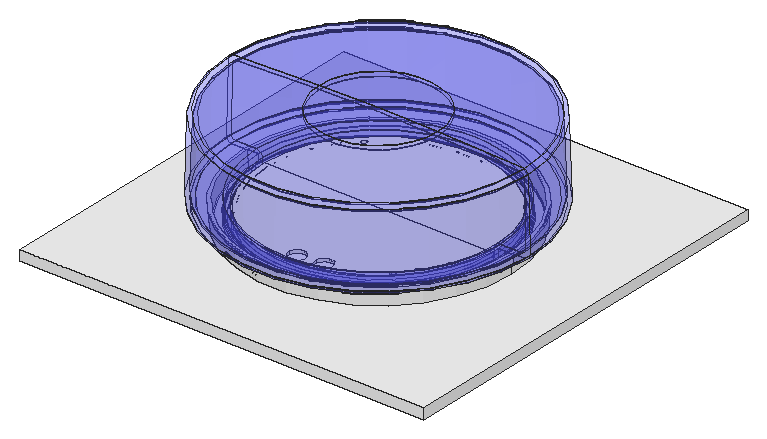
Revit family "BE_50650_de_DE", category Leuchten, Revit 2020
Family settings
  Basisbauteil = Fläche
  Bemaßung runder Anschluss = Durchmesser verwenden
  Teiletyp = Normal
  Beim Laden mit Abzugskörper schneiden = Ja
  Lichtquelle = Ja
  Gemeinsam genutzt = Nein
  Raumberechnungspunkt = Ja
Parameters (values of type "BEGA_50650_K27")
  built-in parameter 1150104 = 14.864 (stored number, unit not read)
  Wattage = 16.8 W
  Default Elevation = 0 mm
  built-in parameter 1150113 = 1 (stored number, unit not read)
  built-in parameter 1114218 = 1 (stored number, unit not read)
  Umgebungstemperatur = "25 °C"
  URL = "https://www.bega.com/de/produkt/50650"
  Typenkommentare = "© 2022 BEGA. Wir behalten uns das Recht vor, technische Änderungen ohne vorherige Ankündigung vorzunehmen."  # constant formula
  built-in parameter 1150134 = 12
  built-in parameter 1150109 = 1 (stored number, unit not read)
  Strom = ""
  built-in parameter 1150110 = 1 (stored number, unit not read)
  Spannung = 239.996 V
  Sonderanfertigung = no
  Seriennummer [instance] = "Hier können Sie die eindeutige Seriennummer für das Facility Management eintragen."
  Schutzklasse = "I"
  Schutzart = "IP 44"
  Scheinlast = 0 VA
  Produktdatenblatt = "https://cdn.bega.com/bega/products/50650K3/current/documents/data-sheets/de"
  Oberflächentemperatur = ""
  Neigungswinkel = 0.00°
  Modell = "50650K27"
  Material_17 = BEGA_Reflektor
  Material_15 = BEGA_Leuchtmedium_matt
  Material_11 = BEGA_Glas_opal
  Material_09 = BEGA_Glas_klar
  Material_06 = BEGA_Oberfläche_Edelstahl_gebürstet
  Material_03 = BEGA_Oberfläche_Weiss_matt
  Material_02 = BEGA_Oberfläche_Silber_matt
  Material_01 [instance] = BEGA_Oberfläche_Grafit_matt
  M_W = no
  M_G = no
  M_A = no
  Logo = 0
  built-in parameter 1114217 = 1 (stored number, unit not read)
  built-in parameter 1150139 = (empty or 0)
  built-in parameter 1150105 = 568.55 (stored number, unit not read)
  built-in parameter 1150114 = 1 (stored number, unit not read)
  Lumens = 2688 lm
  built-in parameter 1150115 = 1 (stored number, unit not read)
  Leuchtenlichtstrom = "1744 lm"
  Leuchtenanzahl = ""
  Lebensdauerkriterien = "L70B50 @ 25 °C = 200000 h"
  Lastklassifizierung = Beleuchtung
  built-in parameter 1150112 = 1 (stored number, unit not read)
  Lampenlichtstrom = "2600 lm"
  Lampe = "LED 16.8 W"
  LED_Modulbezeichnung = "4x LED-0280/927"
  Hersteller = "BEGA"  # constant formula
  Halbstreuwinkel = ""
  Gewicht = "2.75 kg"
  Gebrauchslageneinschränkung [instance] = ""
  Frequenz = "0/50-60 Hz"
  Farbwiedergabeindex = "CRI > 90"
  Farbtemperaturverschiebung bei Dämpfen der Lampe = <Keine Auswahl>
  Farbtemperatur = "2700 K"
  Color Filter = 16777215
  built-in parameter 1150133 = 10 (stored number, unit not read)
  Energieeffizienzklasse = "LED A++ - A"
  built-in parameter 1150137 = (empty or 0)
  built-in parameter 1150132 = (empty or 0)
  ENEC = "ja"
  Dimmbar [instance] = "on/off"
  Datei für fotometrisches Netz = "BE_50650K27.IES"
  CE_Konformität = "ja"
  Bestellnummer = "50650K27"
  Beschreibung_Sonderanfertigung = "Hier können Sie Informationen zur Sonderanfertigung eintragen."
  Beschreibung = "Decken- und Wandleuchte"
  built-in parameter 1150106 = 5.6855 (stored number, unit not read)
  Befestigungsbohrung = "Ø 5,5 mm"
  Befestigungsabstand = "208 mm"
  Ballwurfsicher = ""
  BEGA_Intern_aus = yes
  BEGA_Intern_an = yes
  BEGA_Intern_Konstruktion = yes
  BEGA_Intern = yes
  BEGA_IES = yes
  BEGA_Dummy = no
  Anschlussleitung = ""
  Anschlussleistung [instance] = "19.8 W"
  Anschlusskasten = ""
  built-in parameter 1150107 = 4000 (stored number, unit not read)
  built-in parameter 1150102 = (empty or 0)
  built-in parameter 1150138 = (empty or 0)
  Aktualisierung = "2022-05-19T04:00:07"
  Abstand_zur_angestrahlten_Fläche [instance] = ""
  AC/DC = "AC/DC"
Types (3, lengths in mm): name | built-in parameter 1150104 | built-in parameter 1150134 | Modell | built-in parameter 1150105 | Lumens | Leuchtenlichtstrom | Lampenlichtstrom | LED_Modulbezeichnung | Farbtemperatur | Datei für fotometrisches Netz | Bestellnummer | built-in parameter 1150106 | built-in parameter 1150107
  BEGA_50650_K4 | 14.864 (stored number, unit not read) | 12 | "50650K4" | 568.55 (stored number, unit not read) | 2688 lm | "1770 lm" | "2640 lm" | "4x LED-0280/930" | "4000 K" | "BE_50650K4.IES" | "50650K4" | 5.6855 (stored number, unit not read) | 4000 (stored number, unit not read)
  BEGA_50650_K3 | 14.4 (stored number, unit not read) | (empty or 0) | "50650K3" | 207.22 (stored number, unit not read) | 2604 lm | "1770 lm" | "2640 lm" | "4x LED-0280/930" | "3000 K" | "BE_50650K3.IES" | "50650K3" | 2.0722 (stored number, unit not read) | 3000 (stored number, unit not read)
  BEGA_50650_K27 | 14.864 (stored number, unit not read) | 12 | "50650K27" | 568.55 (stored number, unit not read) | 2688 lm | "1744 lm" | "2600 lm" | "4x LED-0280/927" | "2700 K" | "BE_50650K27.IES" | "50650K27" | 5.6855 (stored number, unit not read) | 4000 (stored number, unit not read)
Reference planes
  plane 1 "Mitte (Vorne/Hinten)": y = 0
  plane 2: z = 0
  plane 3 "Mitte (Links/Rechts)": x = 0
  plane 4 "Links": x = -149.893
  plane 5 "Rechts": x = 149.893
  plane 6 "Unten": y = -149.9
  plane 7 "Oben": y = 149.9
  plane 8 "Vorne": z = 106.484
  plane 9 "Hinten": z = 0
Forms (mm)
  Extrusion 1, solid, material "BEGA_Platte_Weiss"
    sketch origin (5, -1119.2, 0) x (1, 0, 0) y (0, 1, 0)
      loop
        line (-200, 1319.2) -> (-200, 919.2) -> (200, 919.2) -> (200, 1319.2) -> (-200, 1319.2)
    from 0 to -10
  Extrusion 2, solid, material "BEGA_Dummy_matt", visible <- "BEGA_Dummy"
    sketch origin (77.149, -76.023, 0) x (1, 0, 0) y (0, 1, 0)
      loop
        circle (-77.149, 76.023) r 150
    from 0 to 106.484
Dimensions and locks
  plane 1 "Mitte (Vorne/Hinten)" to Extrusion 1 = 200 mm
  aligned and locked: plane 2 to Extrusion 1
  aligned and locked: level to Extrusion 1
Nested families
  nested 1: "BE_50650" at (0, 0, 0), type "BE_50650"
Connectors
  electrical at (0, 0, 0), driven by "Lastklassifizierung", driven by "Spannung", driven by "Scheinlast"
    settings: index 1, voltage 239.996 V, apparent load 0 VA, apparent load phase1 0 VA, apparent load phase2 0 VA, apparent load phase3 0 VA, power factor 1, load classification "Beleuchtung", number of poles 1, system type 31, power factor state 1, is connector primary yes, connector utility no, sub classification motor no, connector description ""
Definition of nested family "BE_50650"
  Parameters (values of type "BE_50650")
    Default Elevation = 1 mm
    URL = "http://www.bega.de/de/produkt"
    Type Comments = "© 2015 BEGA. Wir behalten uns das Recht vor, technische Änderungen ohne vorherige Ankündigung vorzunehmen. "  # constant formula
    Type Image = (empty or 0)
    Neigungswinkel_um_Z2 = 0.00°
    Neigungswinkel_um_Z1 = 0.00°
    Neigungswinkel_um_Y2 = 0.00°
    Neigungswinkel_um_Y1 = 0.00°
    Neigungswinkel_um_X2 = 0.00°
    Neigungswinkel_um_X1 = 0.00°
    Material_17 = none
    Material_15 = none
    Material_11 = none
    Material_09 = none
    Material_06 = none
    Material_05 = none
    Material_03 = none
    Material_02 = none
    Material_01 = none
    M_W = yes
    M_G = yes
    M_A = yes
    Länge_Platte = 350 mm  # constant formula
    Höhe_Platte = -10 mm  # constant formula
    Manufacturer = "BEGA"  # constant formula
    Drehwinkel_um_Z2 = 0.00°
    Drehwinkel_um_Z1 = 0.00°
    Breite_Platte = 350 mm  # constant formula
  Reference planes
    plane 1 "Mitte (Oben/Unten)": y = 0
    plane 2: z = 0
    plane 3 "Mitte (Links/Rechts)": x = 0
    plane 4: x = -149.893
    plane 5: z = 106.484
    plane 6: x = 149.893
    plane 7: y = -149.9
    plane 8: y = 149.9
  Forms (mm)
    Extrusion 1, solid, detail levels medium
      sketch origin (0, 0, 0) x (1, 0, 0) y (0, 1, 0)
        loop
          line (-175, 175) -> (-175, -175) -> (175, -175) -> (175, 175) -> (-175, 175)
      from 0 to -10 <- "Höhe_Platte"
    Revolve 2, solid, material <- "Material_03", detail levels medium+fine
      sketch origin (0, 0, 0) x (1, 0, 0) y (0, 0, 1)
        loop
          line (-133, 23.5) -> (-133, 22) -> (-132.1, 22) -> (-131.506, 5) -> (-112.46, 5)
          arc (-112.46, 5) -> (-111.765, 5.281) -> (-111.46, 5.966) r 1
          line (-111.46, 5.966) -> (-111.179, 14.035)
          arc (-111.179, 14.035) -> (-110.874, 14.719) -> (-110.179, 15) r 1
          line (-110.179, 15) -> (0, 15) -> (0, 17.535) -> (-113.15, 17.535) -> (-113.449, 8.958)
          arc (-113.449, 8.958) -> (-113.906, 7.931) -> (-114.948, 7.51) r 1.5
          line (-114.948, 7.51) -> (-128.534, 7.5)
          arc (-128.534, 7.5) -> (-129.228, 7.78) -> (-129.534, 8.463) r 1
          line (-129.534, 8.463) -> (-130.059, 23.5) -> (-133, 23.5)
        axis (0, 5) -> (0, 23.5)
      angle from 0 to 360
    Revolve 3, solid, material <- "Material_03", detail levels medium+fine
      sketch origin (-120, 0, 0) x (-1, 0, 0) y (0, 0, 1)
        loop
          line (-2.811, 4.164) -> (-2.468, 2.099)
          arc (-2.468, 2.099) -> (-1.62, 0.596) -> (0, 0) r 2.5
          line (0, 0) -> (0, 6.055) -> (-3.797, 6.055) -> (-3.797, 5)
          arc (-3.797, 5) -> (-3.151, 4.763) -> (-2.811, 4.164) r 1
        axis (0, 6.055) -> (0, 0)
      angle from 0 to 360
    Extrusion 4, void
      sketch origin (0, 0, 0) x (1, 0, 0) y (0, 1, 0)
        loop
          circle (22, -95) r 8.475
        loop
          circle (-73.539, 73.539) r 2.75
        loop
          circle (73.539, -73.539) r 2.75
        loop
          circle (-2.5, -97.5) r 8.475
      from 3 to 18.982
    Revolve 5, solid, material <- "Material_11", detail levels medium+fine
      sketch origin (0, 0, 0) x (1, 0, 0) y (0, 0, 1)
        loop
          line (-58.511, 105.392) -> (-144.167, 102.537)
          arc (-144.167, 102.537) -> (-146.872, 101.357) -> (-148.032, 98.644) r 4
          line (-148.032, 98.644) -> (-149.893, 27.605)
          arc (-149.893, 27.605) -> (-148.759, 24.709) -> (-145.894, 23.5) r 4
          line (-145.894, 23.5) -> (-118.75, 23.5) -> (-118.75, 15.269)
          arc (-118.75, 15.269) -> (-118.957, 14.659) -> (-119.492, 14.301) r 1
          line (-119.492, 14.301) -> (-120.509, 14.029)
          arc (-120.509, 14.029) -> (-121.043, 13.672) -> (-121.25, 13.063) r 1
          line (-121.25, 13.063) -> (-121.25, 9.5) -> (-117.25, 9.5) -> (-117.25, 10.937)
          arc (-117.25, 10.937) -> (-115.42, 12.767) -> (-114.75, 15.267) r 5
          line (-114.75, 15.267) -> (-114.75, 22)
          arc (-114.75, 22) -> (-116.366, 25.889) -> (-120.256, 27.5) r 5.5
          line (-120.256, 27.5) -> (-141.788, 27.5)
          arc (-141.788, 27.5) -> (-144.653, 28.709) -> (-145.786, 31.605) r 4
          line (-145.786, 31.605) -> (-144.132, 94.772)
          arc (-144.132, 94.772) -> (-142.973, 97.485) -> (-140.269, 98.665) r 4
          line (-140.269, 98.665) -> (-58.418, 101.392)
          arc (-58.418, 101.392) -> (-29.213, 102.152) -> (0, 102.484) r 1996
          line (0, 102.484) -> (0, 106.484)
          arc (0, 106.484) -> (-29.259, 106.152) -> (-58.511, 105.392) r 2000
        axis (0, 106.484) -> (0, 9.5)
      angle from 0 to 360
    Revolve 6, solid, material <- "Material_03", detail levels medium+fine
      sketch origin (0, 120, 0) x (0, 1, 0) y (0, 0, 1)
        loop
          line (-2.811, 4.164) -> (-2.468, 2.099)
          arc (-2.468, 2.099) -> (-1.62, 0.596) -> (0, 0) r 2.5
          line (0, 0) -> (0, 6.055) -> (-3.797, 6.055) -> (-3.797, 5)
          arc (-3.797, 5) -> (-3.151, 4.763) -> (-2.811, 4.164) r 1
        axis (0, 6.055) -> (0, 0)
      angle from 0 to 360
    Revolve 7, solid, material <- "Material_03", detail levels medium+fine
      sketch origin (0, -120, 0) x (0, -1, 0) y (0, 0, 1)
        loop
          line (-2.811, 4.164) -> (-2.468, 2.099)
          arc (-2.468, 2.099) -> (-1.62, 0.596) -> (0, 0) r 2.5
          line (0, 0) -> (0, 6.055) -> (-3.797, 6.055) -> (-3.797, 5)
          arc (-3.797, 5) -> (-3.151, 4.763) -> (-2.811, 4.164) r 1
        axis (0, 6.055) -> (0, 0)
      angle from 0 to 360
    Revolve 8, solid, material <- "Material_03", detail levels medium+fine
      sketch origin (120, 0, 0) x (1, 0, 0) y (0, 0, 1)
        loop
          line (-2.811, 4.164) -> (-2.468, 2.099)
          arc (-2.468, 2.099) -> (-1.62, 0.596) -> (0, 0) r 2.5
          line (0, 0) -> (0, 6.055) -> (-3.797, 6.055) -> (-3.797, 5)
          arc (-3.797, 5) -> (-3.151, 4.763) -> (-2.811, 4.164) r 1
        axis (0, 6.055) -> (0, 0)
      angle from 0 to 360
  Cuts and joins
    Extrusion 4 cuts Revolve 2
    Extrusion 4 cuts Revolve 3
    joined: Revolve 2, Revolve 3, Revolve 6, Revolve 7, Revolve 8
  Dimensions and locks
    equal spacing: Extrusion 1 sketch curve, plane 3 "Mitte (Links/Rechts)", Extrusion 1 sketch curve
    equal spacing: Extrusion 1 sketch curve, plane 1 "Mitte (Oben/Unten)", Extrusion 1 sketch curve
    "Länge_Platte": Extrusion 1 sketch curve to Extrusion 1 sketch curve
    "Breite_Platte": Extrusion 1 sketch curve to Extrusion 1 sketch curve
    aligned and locked: plane 2 to Extrusion 1
    aligned and locked: level to Extrusion 1
  Automatic sketch dimensions
    Revolve 3 sketch curve to Revolve 3 sketch curve = 1.33 mm
    Revolve 3 sketch curve to Revolve 3 sketch curve = 0 mm  (x6)
    Revolve 3 sketch curve to Revolve 3 sketch curve = 1.901 mm
    Revolve 3 sketch curve to Revolve 3 sketch curve = 1 mm
    Revolve 3 sketch curve to Revolve 3 sketch curve = 1.055 mm
    Revolve 3 sketch curve to Revolve 3 sketch curve = 0.986 mm
    Extrusion 4 sketch curve to plane 3 "Mitte (Links/Rechts)" = 2.5 mm
    plane 3 "Mitte (Links/Rechts)" to Extrusion 4 sketch curve = 22 mm
    plane 1 "Mitte (Oben/Unten)" to Extrusion 4 sketch curve = 73.539 mm
    Extrusion 4 sketch curve to plane 1 "Mitte (Oben/Unten)" = 73.539 mm
    Revolve 2 sketch curve to plane 3 "Mitte (Links/Rechts)" = 0 mm  (x2)
    Revolve 2 sketch curve to Revolve 2 sketch curve = 1.499 mm
    Revolve 2 sketch curve to Revolve 2 sketch curve = 13.586 mm
    level to Revolve 2 sketch curve = 8.463 mm
    Revolve 2 sketch curve to Revolve 2 sketch curve = 0.999 mm  (x2)
    Revolve 2 sketch curve to Revolve 2 sketch curve = 0.525 mm
    Revolve 2 sketch curve to Revolve 2 sketch curve = 2.972 mm
    Revolve 2 sketch curve to Revolve 2 sketch curve = 2.041 mm
    Revolve 2 sketch curve to Revolve 2 sketch curve = 0.9 mm
    Revolve 2 sketch curve to Revolve 2 sketch curve = 3.463 mm
    Revolve 2 sketch curve to Revolve 2 sketch curve = 0.038 mm
    Revolve 2 sketch curve to Revolve 2 sketch curve = 0.052 mm
    level to Revolve 2 sketch curve = 15 mm
    Revolve 2 sketch curve to Revolve 2 sketch curve = 2.535 mm
    Revolve 2 sketch curve to Revolve 2 sketch curve = 13.538 mm
    Revolve 2 sketch curve to Revolve 2 sketch curve = 1.5 mm
    Revolve 2 sketch curve to Revolve 2 sketch curve = 0 mm  (x4)
    Revolve 2 sketch curve to Revolve 2 sketch curve = 3 mm
    Revolve 2 sketch curve to Revolve 2 sketch curve = 2.1 mm
    Revolve 2 sketch curve to Revolve 2 sketch curve = 1.458 mm
    Revolve 2 sketch curve to Revolve 2 sketch curve = 2.488 mm
    Revolve 2 sketch curve to Revolve 2 sketch curve = 0.966 mm
    Revolve 2 sketch curve to Revolve 2 sketch curve = 0.034 mm
    Revolve 2 sketch curve to Revolve 2 sketch curve = 0.035 mm
    Revolve 3 sketch curve to Revolve 3 sketch curve = 2.468 mm
    Revolve 3 sketch curve to Revolve 3 sketch curve = 2.099 mm
    Revolve 6 sketch curve to Revolve 6 sketch curve = 1.33 mm
    Revolve 6 sketch curve to Revolve 6 sketch curve = 0 mm  (x6)
    Revolve 6 sketch curve to Revolve 6 sketch curve = 1.901 mm
    Revolve 6 sketch curve to Revolve 6 sketch curve = 1 mm
    Revolve 6 sketch curve to Revolve 6 sketch curve = 1.055 mm
    Revolve 6 sketch curve to Revolve 6 sketch curve = 0.986 mm
    Revolve 6 sketch curve to Revolve 6 sketch curve = 2.468 mm
    Revolve 6 sketch curve to Revolve 6 sketch curve = 2.099 mm
    Revolve 7 sketch curve to Revolve 7 sketch curve = 1.33 mm
    Revolve 7 sketch curve to Revolve 7 sketch curve = 0 mm  (x6)
    Revolve 7 sketch curve to Revolve 7 sketch curve = 1.901 mm
    Revolve 7 sketch curve to Revolve 7 sketch curve = 1 mm
    Revolve 7 sketch curve to Revolve 7 sketch curve = 1.055 mm
    Revolve 7 sketch curve to Revolve 7 sketch curve = 0.986 mm
    Revolve 7 sketch curve to Revolve 7 sketch curve = 2.468 mm
    Revolve 7 sketch curve to Revolve 7 sketch curve = 2.099 mm
    Revolve 8 sketch curve to Revolve 8 sketch curve = 1.33 mm
    Revolve 8 sketch curve to Revolve 8 sketch curve = 0 mm  (x6)
    Revolve 8 sketch curve to Revolve 8 sketch curve = 1.901 mm
    Revolve 8 sketch curve to Revolve 8 sketch curve = 1 mm
    Revolve 8 sketch curve to Revolve 8 sketch curve = 1.055 mm
    Revolve 8 sketch curve to Revolve 8 sketch curve = 0.986 mm
    Revolve 8 sketch curve to Revolve 8 sketch curve = 2.468 mm
    Revolve 8 sketch curve to Revolve 8 sketch curve = 2.099 mm
    Revolve 3 sketch curve to level = 0 mm
    Revolve 6 sketch curve to level = 0 mm
    Revolve 7 sketch curve to level = 0 mm
    Revolve 8 sketch curve to level = 0 mm
    Revolve 5 sketch curve to plane 3 "Mitte (Links/Rechts)" = 0 mm  (x2)
    Revolve 5 sketch curve to Revolve 5 sketch curve = 0.093 mm
    Revolve 5 sketch curve to Revolve 5 sketch curve = 1.5 mm  (x3)
    Revolve 5 sketch curve to Revolve 5 sketch curve = 0.742 mm
    Revolve 5 sketch curve to Revolve 5 sketch curve = 1 mm  (x2)
    Revolve 5 sketch curve to Revolve 5 sketch curve = 0 mm  (x19)
    Revolve 5 sketch curve to Revolve 5 sketch curve = 0.758 mm
    Revolve 5 sketch curve to Revolve 5 sketch curve = 1.506 mm
    Revolve 5 sketch curve to Revolve 5 sketch curve = 0.135 mm
    Revolve 5 sketch curve to Revolve 5 sketch curve = 21.532 mm
    Revolve 5 sketch curve to Revolve 5 sketch curve = 3.765 mm
    Revolve 5 sketch curve to Revolve 5 sketch curve = 4.106 mm
    Revolve 5 sketch curve to Revolve 5 sketch curve = 3.999 mm  (x4)
    plane 3 "Mitte (Links/Rechts)" to Revolve 5 sketch curve = 8.067 mm
    level to Revolve 5 sketch curve = 31.5 mm
    Revolve 5 sketch curve to Revolve 5 sketch curve = 4 mm  (x2)
    Revolve 5 sketch curve to Revolve 5 sketch curve = 6.731 mm
    Revolve 5 sketch curve to Revolve 5 sketch curve = 0.001 mm  (x2)
    Revolve 5 sketch curve to Revolve 5 sketch curve = 1.238 mm
    Revolve 5 sketch curve to Revolve 5 sketch curve = 2.126 mm
    Revolve 5 sketch curve to Revolve 5 sketch curve = 1.437 mm
    Revolve 5 sketch curve to level = 1893.5 mm
    Revolve 5 sketch curve to Revolve 5 sketch curve = 0.005 mm
    Revolve 5 sketch curve to Revolve 5 sketch curve = 0.259 mm
    Revolve 5 sketch curve to Revolve 5 sketch curve = 0.133 mm
    Revolve 2 sketch curve to Revolve 2 sketch curve = 110.179 mm
    level to Revolve 2 sketch curve = 14.035 mm
    Revolve 2 sketch curve to Revolve 2 sketch curve = 0.282 mm
    Revolve 2 sketch curve to Revolve 2 sketch curve = 2.97 mm
    Revolve 3 sketch curve to plane 3 "Mitte (Links/Rechts)" = 116.203 mm
    Extrusion 4 sketch curve to plane 3 "Mitte (Links/Rechts)" = 73.539 mm
    Revolve 5 sketch curve to plane 3 "Mitte (Links/Rechts)" = 58.418 mm
    Revolve 5 sketch curve to Revolve 5 sketch curve = 58.832 mm
    Revolve 5 sketch curve to Revolve 5 sketch curve = 1.654 mm
    Revolve 5 sketch curve to Revolve 5 sketch curve = 0.099 mm
    Revolve 5 sketch curve to Revolve 5 sketch curve = 63.167 mm
    Revolve 5 sketch curve to Revolve 5 sketch curve = 0.105 mm  (x2)
    Revolve 5 sketch curve to Revolve 5 sketch curve = 0.125 mm
    Revolve 5 sketch curve to Revolve 5 sketch curve = 2.728 mm
    Revolve 5 sketch curve to Revolve 5 sketch curve = 11.983 mm
    Extrusion 4 sketch curve to Extrusion 4 sketch curve = 51.539 mm
    plane 3 "Mitte (Links/Rechts)" to Revolve 8 sketch curve = 116.203 mm
    plane 7 to Extrusion 4 sketch curve = 54.9 mm
    Extrusion 4 sketch curve to Extrusion 4 sketch curve = 2.5 mm
    plane 7 to Revolve 7 sketch curve = 33.697 mm
    Revolve 6 sketch curve to plane 1 "Mitte (Oben/Unten)" = 116.203 mm
    radius of Extrusion 4 sketch curve = 8.475 mm  (x2)
    radius of Extrusion 4 sketch curve = 2.75 mm  (x2)
